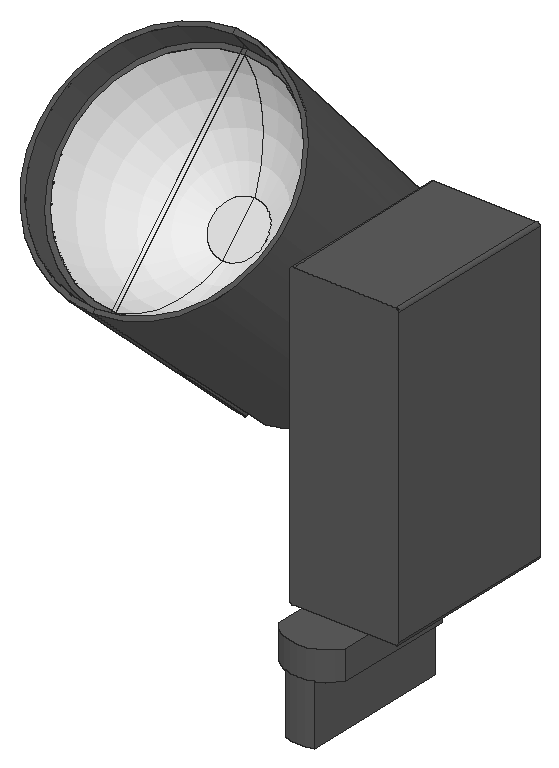
Revit family "0004857 Feilo Sylvania Lighting Fixture START TRACK SPOT L 55W 4K RA80 MB BLACK", category Lighting Fixtures, host Face, Revit 2017 (continued)
Definition of nested family "Start Track Spot Head"
  Types (96, lengths in mm): name | Wattage | built-in parameter 1150134 | Photometric Web File | Model | built-in parameter 1150105 | Lumens | built-in parameter 1150107 | built-in parameter 1150106 | HeadThickness_FEILO | HeadRibOffset_FEILO | HeadRibDepth_FEILO | HeadRibCutWidth_FEILO | HeadRibCutOffset_FEILO | HeadReflectorRadius_FEILO | HeadReflectorOffset_FEILO | HeadLEDRadius_FEILO | HeadHeight_FEILO | HeadDiffusorOffset_FEILO | HeadDiaOut_FEILO | HeadDiaIn_FEILO | HeadAxisFromTop_FEILO | Emit from Circle Diameter | built-in parameter 1150104 | Description | Apparent Load
    0004864 START TRACK SPOT S 24W 3K RA90 WB WHITE | 24 W | (empty or 0) | "0004864.ies" | "START TRACK SPOT S 24W 3K RA90 WB WHITE" | 152.79 (stored number, unit not read) | 1920 lm | 3000 (stored number, unit not read) | 1.5279 (stored number, unit not read) | 1.5 | 4.179 | 55.714 | 7.167 | 50.87 | 50.588 | 55.714 | 9.556 | 117 | 9.435 | 86 | 77.477 | 69.354 | 77.477 | 7.4322 (stored number, unit not read) | "Integrated LED spotlight, Textured White - RAL9016, compact and minimalist design, ideal for retail applications, die-cast aluminium body, passive cooling heatsink. Beam angle: 64°, color temperature: 3000K , total system power: 24W, total fixture output: 1928 lm, LOR: 100%, colour rendering: Ra: 90 typical, LED Chromaticity: 3 step MacAdam ellipse, lifetime: >50000 hours at L70B50, energy class: A++, A+, A, IR/UV free light source without heat radiation, operating voltage: 220-240V / 50-60Hz, drive current: 600mA, electronic driver, non-dimmable, power factor: 0.95, electrical protection: Class II, Global Track 3 Phase adapter suitable for Global trac 3-circuit tracks, ingress protection rating: IP20, suitable for internal environment only, horizontal rotation: 355°, vertical tilt: 90°, dimensions: Ø86x140x200, weight: 0.966kg." | 24 VA
    0004863 START TRACK SPOT S 24W 3K RA90 MB WHITE | 24 W | (empty or 0) | "0004863.ies" | "START TRACK SPOT S 24W 3K RA90 MB WHITE" | 154.7 (stored number, unit not read) | 1944 lm | 3000 (stored number, unit not read) | 1.547 (stored number, unit not read) | 1.5 | 4.179 | 55.714 | 7.167 | 50.87 | 50.588 | 55.714 | 9.556 | 117 | 9.435 | 86 | 77.477 | 69.354 | 77.477 | 7.5251 (stored number, unit not read) | "Integrated LED spotlight, Textured White - RAL9016, compact and minimalist design, ideal for retail applications, die-cast aluminium body, passive cooling heatsink. Beam angle: 36°, color temperature: 3000K , total system power: 24W, total fixture output: 1944 lm, LOR: 100%, colour rendering: Ra: 90 typical, LED Chromaticity: 3 step MacAdam ellipse, lifetime: >50000 hours at L70B50, energy class: A++, A+, A, IR/UV free light source without heat radiation, operating voltage: 220-240V / 50-60Hz, drive current: 600mA, electronic driver, non-dimmable, power factor: 0.95, electrical protection: Class II, Global Track 3 Phase adapter suitable for Global trac 3-circuit tracks, ingress protection rating: IP20, suitable for internal environment only, horizontal rotation: 355°, vertical tilt: 90°, dimensions: Ø86x140x200, weight: 0.966kg." | 24 VA
    0004862 START TRACK SPOT S 24W 3K RA90 NB WHITE | 24 W | (empty or 0) | "0004862.ies" | "START TRACK SPOT S 24W 3K RA90 NB WHITE" | 158.52 (stored number, unit not read) | 1992 lm | 3000 (stored number, unit not read) | 1.5852 (stored number, unit not read) | 1.5 | 4.179 | 55.714 | 7.167 | 50.87 | 50.588 | 55.714 | 9.556 | 117 | 9.435 | 86 | 77.477 | 69.354 | 77.477 | 7.711 (stored number, unit not read) | "Integrated LED spotlight, Textured White - RAL9016, compact and minimalist design, ideal for retail applications, die-cast aluminium body, passive cooling heatsink. Beam angle: 12°, color temperature: 3000K , total system power: 24W, total fixture output: 1987 lm, LOR: 100%, colour rendering: Ra: 90 typical, LED Chromaticity: 3 step MacAdam ellipse, lifetime: >50000 hours at L70B50, energy class: A++, A+, A, IR/UV free light source without heat radiation, operating voltage: 220-240V / 50-60Hz, drive current: 600mA, electronic driver, non-dimmable, power factor: 0.95, electrical protection: Class II, Global Track 3 Phase adapter suitable for Global trac 3-circuit tracks, ingress protection rating: IP20, suitable for internal environment only, horizontal rotation: 355°, vertical tilt: 90°, dimensions: Ø86x140x200, weight: 0.966kg." | 24 VA
    0004861 START TRACK SPOT S 14W 3K RA90 WB WHITE | 14 W | (empty or 0) | "0004861.ies" | "START TRACK SPOT S 14W 3K RA90 WB WHITE" | 100.27 (stored number, unit not read) | 1260 lm | 3000 (stored number, unit not read) | 1.0027 (stored number, unit not read) | 1.5 | 4.179 | 55.714 | 7.167 | 50.87 | 50.588 | 55.714 | 9.556 | 117 | 9.435 | 86 | 77.477 | 69.354 | 77.477 | 8.3613 (stored number, unit not read) | "Integrated LED spotlight, Textured White - RAL9016, compact and minimalist design, ideal for retail applications, die-cast aluminium body, passive cooling heatsink. Beam angle: 64°, color temperature: 3000K , total system power: 14W, total fixture output: 1262 lm, LOR: 100%, colour rendering: Ra: 90 typical, LED Chromaticity: 3 step MacAdam ellipse, lifetime: >50000 hours at L70B50, energy class: A++, A+, A, IR/UV free light source without heat radiation, operating voltage: 220-240V / 50-60Hz, drive current: 350mA, electronic driver, non-dimmable, power factor: 0.92, electrical protection: Class II, Global Track 3 Phase adapter suitable for Global trac 3-circuit tracks, ingress protection rating: IP20, suitable for internal environment only, horizontal rotation: 355°, vertical tilt: 90°, dimensions: Ø86x140x200, weight: 0.940kg." | 14 VA
    0004860 START TRACK SPOT S 14W 3K RA90 MB WHITE | 14 W | (empty or 0) | "0004860.ies" | "START TRACK SPOT S 14W 3K RA90 MB WHITE" | 100.27 (stored number, unit not read) | 1260 lm | 3000 (stored number, unit not read) | 1.0027 (stored number, unit not read) | 1.5 | 4.179 | 55.714 | 7.167 | 50.87 | 50.588 | 55.714 | 9.556 | 117 | 9.435 | 86 | 77.477 | 69.354 | 77.477 | 8.3613 (stored number, unit not read) | "Integrated LED spotlight, Textured White - RAL9016, compact and minimalist design, ideal for retail applications, die-cast aluminium body, passive cooling heatsink. Beam angle: 36°, color temperature: 3000K , total system power: 14W, total fixture output: 1262 lm, LOR: 100%, colour rendering: Ra: 90 typical, LED Chromaticity: 3 step MacAdam ellipse, lifetime: >50000 hours at L70B50, energy class: A++, A+, A, IR/UV free light source without heat radiation, operating voltage: 220-240V / 50-60Hz, drive current: 350mA, electronic driver, non-dimmable, power factor: 0.92, electrical protection: Class II, Global Track 3 Phase adapter suitable for Global trac 3-circuit tracks, ingress protection rating: IP20, suitable for internal environment only, horizontal rotation: 355°, vertical tilt: 90°, dimensions: Ø86x140x200, weight: 0.940kg." | 14 VA
    0004859 START TRACK SPOT S 14W 3K RA90 NB WHITE | 14 W | (empty or 0) | "0004859.ies" | "START TRACK SPOT S 14W 3K RA90 NB WHITE" | 102.5 (stored number, unit not read) | 1288 lm | 3000 (stored number, unit not read) | 1.025 (stored number, unit not read) | 1.5 | 4.179 | 55.714 | 7.167 | 50.87 | 50.588 | 55.714 | 9.556 | 117 | 9.435 | 86 | 77.477 | 69.354 | 77.477 | 8.5471 (stored number, unit not read) | "Integrated LED spotlight, Textured White - RAL9016, compact and minimalist design, ideal for retail applications, die-cast aluminium body, passive cooling heatsink. Beam angle: 12°, color temperature: 3000K , total system power: 14W, total fixture output: 1284 lm, LOR: 100%, colour rendering: Ra: 90 typical, LED Chromaticity: 3 step MacAdam ellipse, lifetime: >50000 hours at L70B50, energy class: A++, A+, A, IR/UV free light source without heat radiation, operating voltage: 220-240V / 50-60Hz, drive current: 350mA, electronic driver, non-dimmable, power factor: 0.92, electrical protection: Class II, Global Track 3 Phase adapter suitable for Global trac 3-circuit tracks, ingress protection rating: IP20, suitable for internal environment only, horizontal rotation: 355°, vertical tilt: 90°, dimensions: Ø86x140x200, weight: 0.940kg." | 14 VA
    0004858 START TRACK SPOT L 55W 4K RA80 WB BLACK | 55 W | 12 | "0004858.ies" | "START TRACK SPOT L 55W 4K RA80 WB BLACK" | 424.55 (stored number, unit not read) | 5335 lm | 4000 (stored number, unit not read) | 4.2455 (stored number, unit not read) | 2 | 4.429 | 59.048 | 9.417 | 53.913 | 66.471 | 59.048 | 12.556 | 124 | 10 | 113 | 101.802 | 73.503 | 101.802 | 9.0116 (stored number, unit not read) | "Integrated LED spotlight, Textured Black - RAL9005, compact and minimalist design, ideal for retail applications, die-cast aluminium body, passive cooling heatsink. Beam angle: 52°, color temperature: 4000K , total system power: 55W, total fixture output: 5320 lm, LOR: 100%, colour rendering: Ra: 80 typical, LED Chromaticity: 3 step MacAdam ellipse, lifetime: >50000 hours at L70B50, energy class: A++, A+, A, IR/UV free light source without heat radiation, operating voltage: 220-240V / 50-60Hz, drive current: 1400mA, electronic driver, non-dimmable, power factor: 0.96, electrical protection: Class II, Global Track 3 Phase adapter suitable for Global trac 3-circuit tracks, ingress protection rating: IP20, suitable for internal environment only, horizontal rotation: 355°, vertical tilt: 90°, dimensions: Ø113x164x240, weight: 1.398kg." | 55 VA
    0004857 START TRACK SPOT L 55W 4K RA80 MB BLACK | 55 W | 12 | "0004857.ies" | "START TRACK SPOT L 55W 4K RA80 MB BLACK" | 428.92 (stored number, unit not read) | 5390 lm | 4000 (stored number, unit not read) | 4.2892 (stored number, unit not read) | 2 | 4.429 | 59.048 | 9.417 | 53.913 | 66.471 | 59.048 | 12.556 | 124 | 10 | 113 | 101.802 | 73.503 | 101.802 | 9.1045 (stored number, unit not read) | "Integrated LED spotlight, Textured Black - RAL9005, compact and minimalist design, ideal for retail applications, die-cast aluminium body, passive cooling heatsink. Beam angle: 38°, color temperature: 4000K , total system power: 55W, total fixture output: 5378 lm, LOR: 100%, colour rendering: Ra: 80 typical, LED Chromaticity: 3 step MacAdam ellipse, lifetime: >50000 hours at L70B50, energy class: A++, A+, A, IR/UV free light source without heat radiation, operating voltage: 220-240V / 50-60Hz, drive current: 1400mA, electronic driver, non-dimmable, power factor: 0.96, electrical protection: Class II, Global Track 3 Phase adapter suitable for Global trac 3-circuit tracks, ingress protection rating: IP20, suitable for internal environment only, horizontal rotation: 355°, vertical tilt: 90°, dimensions: Ø113x164x240, weight: 1.398kg." | 55 VA
    0004856 START TRACK SPOT L 55W 4K RA80 NB BLACK | 55 W | 12 | "0004856.ies" | "START TRACK SPOT L 55W 4K RA80 NB BLACK" | 433.3 (stored number, unit not read) | 5445 lm | 4000 (stored number, unit not read) | 4.333 (stored number, unit not read) | 2 | 4.429 | 59.048 | 9.417 | 53.913 | 66.471 | 59.048 | 12.556 | 124 | 10 | 113 | 101.802 | 73.503 | 101.802 | 9.1974 (stored number, unit not read) | "Integrated LED spotlight, Textured Black - RAL9005, compact and minimalist design, ideal for retail applications, die-cast aluminium body, passive cooling heatsink. Beam angle: 15°, color temperature: 4000K , total system power: 55W, total fixture output: 5426 lm, LOR: 100%, colour rendering: Ra: 80 typical, LED Chromaticity: 3 step MacAdam ellipse, lifetime: >50000 hours at L70B50, energy class: A++, A+, A, IR/UV free light source without heat radiation, operating voltage: 220-240V / 50-60Hz, drive current: 1400mA, electronic driver, non-dimmable, power factor: 0.96, electrical protection: Class II, Global Track 3 Phase adapter suitable for Global trac 3-circuit tracks, ingress protection rating: IP20, suitable for internal environment only, horizontal rotation: 355°, vertical tilt: 90°, dimensions: Ø113x164x240, weight: 1.398kg." | 55 VA
    0004855 START TRACK SPOT L 35W 4K RA80 WB BLACK | 35 W | 12 | "0004855.ies" | "START TRACK SPOT L 35W 4K RA80 WB BLACK" | 320.3 (stored number, unit not read) | 4025 lm | 4000 (stored number, unit not read) | 3.203 (stored number, unit not read) | 2 | 4.429 | 59.048 | 9.417 | 53.913 | 66.471 | 59.048 | 12.556 | 124 | 10 | 113 | 101.802 | 73.503 | 101.802 | 10.684 (stored number, unit not read) | "Integrated LED spotlight, Textured Black - RAL9005, compact and minimalist design, ideal for retail applications, die-cast aluminium body, passive cooling heatsink. Beam angle: 52°, color temperature: 4000K , total system power: 35W, total fixture output: 4010 lm, LOR: 100%, colour rendering: Ra: 80 typical, LED Chromaticity: 3 step MacAdam ellipse, lifetime: >50000 hours at L70B50, energy class: A++, A+, A, IR/UV free light source without heat radiation, operating voltage: 220-240V / 50-60Hz, drive current: 900mA, electronic driver, non-dimmable, power factor: 0.93, electrical protection: Class II, Global Track 3 Phase adapter suitable for Global trac 3-circuit tracks, ingress protection rating: IP20, suitable for internal environment only, horizontal rotation: 355°, vertical tilt: 90°, dimensions: Ø113x164x240, weight: 1.368kg." | 35 VA
    0004854 START TRACK SPOT L 35W 4K RA80 MB BLACK | 35 W | 12 | "0004854.ies" | "START TRACK SPOT L 35W 4K RA80 MB BLACK" | 320.3 (stored number, unit not read) | 4025 lm | 4000 (stored number, unit not read) | 3.203 (stored number, unit not read) | 2 | 4.429 | 59.048 | 9.417 | 53.913 | 66.471 | 59.048 | 12.556 | 124 | 10 | 113 | 101.802 | 73.503 | 101.802 | 10.684 (stored number, unit not read) | "Integrated LED spotlight, Textured Black - RAL9005, compact and minimalist design, ideal for retail applications, die-cast aluminium body, passive cooling heatsink. Beam angle: 38°, color temperature: 4000K , total system power: 35W, total fixture output: 4017 lm, LOR: 100%, colour rendering: Ra: 80 typical, LED Chromaticity: 3 step MacAdam ellipse, lifetime: >50000 hours at L70B50, energy class: A++, A+, A, IR/UV free light source without heat radiation, operating voltage: 220-240V / 50-60Hz, drive current: 900mA, electronic driver, non-dimmable, power factor: 0.93, electrical protection: Class II, Global Track 3 Phase adapter suitable for Global trac 3-circuit tracks, ingress protection rating: IP20, suitable for internal environment only, horizontal rotation: 355°, vertical tilt: 90°, dimensions: Ø113x164x240, weight: 1.368kg." | 35 VA
    0004853 START TRACK SPOT L 35W 4K RA80 NB BLACK | 35 W | 12 | "0004853.ies" | "START TRACK SPOT L 35W 4K RA80 NB BLACK" | 331.44 (stored number, unit not read) | 4165 lm | 4000 (stored number, unit not read) | 3.3144 (stored number, unit not read) | 2 | 4.429 | 59.048 | 9.417 | 53.913 | 66.471 | 59.048 | 12.556 | 124 | 10 | 113 | 101.802 | 73.503 | 101.802 | 11.055 (stored number, unit not read) | "Integrated LED spotlight, Textured Black - RAL9005, compact and minimalist design, ideal for retail applications, die-cast aluminium body, passive cooling heatsink. Beam angle: 15°, color temperature: 4000K , total system power: 35W, total fixture output: 4174 lm, LOR: 100%, colour rendering: Ra: 80 typical, LED Chromaticity: 3 step MacAdam ellipse, lifetime: >50000 hours at L70B50, energy class: A++, A+, A, IR/UV free light source without heat radiation, operating voltage: 220-240V / 50-60Hz, drive current: 900mA, electronic driver, non-dimmable, power factor: 0.93, electrical protection: Class II, Global Track 3 Phase adapter suitable for Global trac 3-circuit tracks, ingress protection rating: IP20, suitable for internal environment only, horizontal rotation: 355°, vertical tilt: 90°, dimensions: Ø113x164x240, weight: 1.368kg." | 35 VA
    0004852 START TRACK SPOT S 24W 4K RA80 WB BLACK | 24 W | 12 | "0004852.ies" | "START TRACK SPOT S 24W 4K RA80 WB BLACK" | 196.72 (stored number, unit not read) | 2472 lm | 4000 (stored number, unit not read) | 1.9672 (stored number, unit not read) | 1.5 | 4.179 | 55.714 | 7.167 | 50.87 | 50.588 | 55.714 | 9.556 | 117 | 9.435 | 86 | 77.477 | 69.354 | 77.477 | 9.569 (stored number, unit not read) | "Integrated LED spotlight, Textured Black - RAL9005, compact and minimalist design, ideal for retail applications, die-cast aluminium body, passive cooling heatsink. Beam angle: 64°, color temperature: 4000K , total system power: 24W, total fixture output: 2476 lm, LOR: 100%, colour rendering: Ra: 80 typical, LED Chromaticity: 3 step MacAdam ellipse, lifetime: >50000 hours at L70B50, energy class: A++, A+, A, IR/UV free light source without heat radiation, operating voltage: 220-240V / 50-60Hz, drive current: 600mA, electronic driver, non-dimmable, power factor: 0.95, electrical protection: Class II, Global Track 3 Phase adapter suitable for Global trac 3-circuit tracks, ingress protection rating: IP20, suitable for internal environment only, horizontal rotation: 355°, vertical tilt: 90°, dimensions: Ø86x140x200, weight: 0.966kg." | 24 VA
    0004851 START TRACK SPOT S 24W 4K RA80 MB BLACK | 24 W | 12 | "0004851.ies" | "START TRACK SPOT S 24W 4K RA80 MB BLACK" | 198.63 (stored number, unit not read) | 2496 lm | 4000 (stored number, unit not read) | 1.9863 (stored number, unit not read) | 1.5 | 4.179 | 55.714 | 7.167 | 50.87 | 50.588 | 55.714 | 9.556 | 117 | 9.435 | 86 | 77.477 | 69.354 | 77.477 | 9.6619 (stored number, unit not read) | "Integrated LED spotlight, Textured Black - RAL9005, compact and minimalist design, ideal for retail applications, die-cast aluminium body, passive cooling heatsink. Beam angle: 36°, color temperature: 4000K , total system power: 24W, total fixture output: 2487 lm, LOR: 100%, colour rendering: Ra: 80 typical, LED Chromaticity: 3 step MacAdam ellipse, lifetime: >50000 hours at L70B50, energy class: A++, A+, A, IR/UV free light source without heat radiation, operating voltage: 220-240V / 50-60Hz, drive current: 600mA, electronic driver, non-dimmable, power factor: 0.95, electrical protection: Class II, Global Track 3 Phase adapter suitable for Global trac 3-circuit tracks, ingress protection rating: IP20, suitable for internal environment only, horizontal rotation: 355°, vertical tilt: 90°, dimensions: Ø86x140x200, weight: 0.966kg." | 24 VA
    0004850 START TRACK SPOT S 24W 4K RA80 NB BLACK | 24 W | 12 | "0004850.ies" | "START TRACK SPOT S 24W 4K RA80 NB BLACK" | 200.54 (stored number, unit not read) | 2520 lm | 4000 (stored number, unit not read) | 2.0054 (stored number, unit not read) | 1.5 | 4.179 | 55.714 | 7.167 | 50.87 | 50.588 | 55.714 | 9.556 | 117 | 9.435 | 86 | 77.477 | 69.354 | 77.477 | 9.7548 (stored number, unit not read) | "Integrated LED spotlight, Textured Black - RAL9005, compact and minimalist design, ideal for retail applications, die-cast aluminium body, passive cooling heatsink. Beam angle: 12°, color temperature: 4000K , total system power: 24W, total fixture output: 2529 lm, LOR: 100%, colour rendering: Ra: 80 typical, LED Chromaticity: 3 step MacAdam ellipse, lifetime: >50000 hours at L70B50, energy class: A++, A+, A, IR/UV free light source without heat radiation, operating voltage: 220-240V / 50-60Hz, drive current: 600mA, electronic driver, non-dimmable, power factor: 0.95, electrical protection: Class II, Global Track 3 Phase adapter suitable for Global trac 3-circuit tracks, ingress protection rating: IP20, suitable for internal environment only, horizontal rotation: 355°, vertical tilt: 90°, dimensions: Ø86x140x200, weight: 0.966kg." | 24 VA
    0004849 START TRACK SPOT S 14W 4K RA80 WB BLACK | 14 W | 12 | "0004849.ies" | "START TRACK SPOT S 14W 4K RA80 WB BLACK" | 123.66 (stored number, unit not read) | 1554 lm | 4000 (stored number, unit not read) | 1.2366 (stored number, unit not read) | 1.5 | 4.179 | 55.714 | 7.167 | 50.87 | 50.588 | 55.714 | 9.556 | 117 | 9.435 | 86 | 77.477 | 69.354 | 77.477 | 10.312 (stored number, unit not read) | "Integrated LED spotlight, Textured Black - RAL9005, compact and minimalist design, ideal for retail applications, die-cast aluminium body, passive cooling heatsink. Beam angle: 64°, color temperature: 4000K , total system power: 14W, total fixture output: 1558 lm, LOR: 100%, colour rendering: Ra: 80 typical, LED Chromaticity: 3 step MacAdam ellipse, lifetime: >50000 hours at L70B50, energy class: A++, A+, A, IR/UV free light source without heat radiation, operating voltage: 220-240V / 50-60Hz, drive current: 350mA, electronic driver, non-dimmable, power factor: 0.92, electrical protection: Class II, Global Track 3 Phase adapter suitable for Global trac 3-circuit tracks, ingress protection rating: IP20, suitable for internal environment only, horizontal rotation: 355°, vertical tilt: 90°, dimensions: Ø86x140x200, weight: 0.940kg." | 14 VA
    0004848 START TRACK SPOT S 14W 4K RA80 MB BLACK | 14 W | 12 | "0004848.ies" | "START TRACK SPOT S 14W 4K RA80 MB BLACK" | 127.01 (stored number, unit not read) | 1596 lm | 4000 (stored number, unit not read) | 1.2701 (stored number, unit not read) | 1.5 | 4.179 | 55.714 | 7.167 | 50.87 | 50.588 | 55.714 | 9.556 | 117 | 9.435 | 86 | 77.477 | 69.354 | 77.477 | 10.591 (stored number, unit not read) | "Integrated LED spotlight, Textured Black - RAL9005, compact and minimalist design, ideal for retail applications, die-cast aluminium body, passive cooling heatsink. Beam angle: 36°, color temperature: 4000K , total system power: 14W, total fixture output: 1598 lm, LOR: 100%, colour rendering: Ra: 80 typical, LED Chromaticity: 3 step MacAdam ellipse, lifetime: >50000 hours at L70B50, energy class: A++, A+, A, IR/UV free light source without heat radiation, operating voltage: 220-240V / 50-60Hz, drive current: 350mA, electronic driver, non-dimmable, power factor: 0.92, electrical protection: Class II, Global Track 3 Phase adapter suitable for Global trac 3-circuit tracks, ingress protection rating: IP20, suitable for internal environment only, horizontal rotation: 355°, vertical tilt: 90°, dimensions: Ø86x140x200, weight: 0.940kg." | 14 VA
    0004847 START TRACK SPOT S 14W 4K RA80 NB BLACK | 14 W | 12 | "0004847.ies" | "START TRACK SPOT S 14W 4K RA80 NB BLACK" | 128.12 (stored number, unit not read) | 1610 lm | 4000 (stored number, unit not read) | 1.2812 (stored number, unit not read) | 1.5 | 4.179 | 55.714 | 7.167 | 50.87 | 50.588 | 55.714 | 9.556 | 117 | 9.435 | 86 | 77.477 | 69.354 | 77.477 | 10.684 (stored number, unit not read) | "Integrated LED spotlight, Textured Black - RAL9005, compact and minimalist design, ideal for retail applications, die-cast aluminium body, passive cooling heatsink. Beam angle: 12°, color temperature: 4000K , total system power: 14W, total fixture output: 1608 lm, LOR: 100%, colour rendering: Ra: 80 typical, LED Chromaticity: 3 step MacAdam ellipse, lifetime: >50000 hours at L70B50, energy class: A++, A+, A, IR/UV free light source without heat radiation, operating voltage: 220-240V / 50-60Hz, drive current: 350mA, electronic driver, non-dimmable, power factor: 0.92, electrical protection: Class II, Global Track 3 Phase adapter suitable for Global trac 3-circuit tracks, ingress protection rating: IP20, suitable for internal environment only, horizontal rotation: 355°, vertical tilt: 90°, dimensions: Ø86x140x200, weight: 0.940kg." | 14 VA
    0004846 START TRACK SPOT L 55W 3K RA80 WB BLACK | 55 W | (empty or 0) | "0004846.ies" | "START TRACK SPOT L 55W 3K RA80 WB BLACK" | 420.17 (stored number, unit not read) | 5280 lm | 3000 (stored number, unit not read) | 4.2017 (stored number, unit not read) | 2 | 4.429 | 59.048 | 9.417 | 53.913 | 66.471 | 59.048 | 12.556 | 124 | 10 | 113 | 101.802 | 73.503 | 101.802 | 8.9187 (stored number, unit not read) | "Integrated LED spotlight, Textured Black - RAL9005, compact and minimalist design, ideal for retail applications, die-cast aluminium body, passive cooling heatsink. Beam angle: 52°, color temperature: 3000K , total system power: 55W, total fixture output: 5298 lm, LOR: 100%, colour rendering: Ra: 80 typical, LED Chromaticity: 3 step MacAdam ellipse, lifetime: >50000 hours at L70B50, energy class: A++, A+, A, IR/UV free light source without heat radiation, operating voltage: 220-240V / 50-60Hz, drive current: 1400mA, electronic driver, non-dimmable, power factor: 0.96, electrical protection: Class II, Global Track 3 Phase adapter suitable for Global trac 3-circuit tracks, ingress protection rating: IP20, suitable for internal environment only, horizontal rotation: 355°, vertical tilt: 90°, dimensions: Ø113x164x240, weight: 1.398kg." | 55 VA
    0004845 START TRACK SPOT L 55W 3K RA80 MB BLACK | 55 W | (empty or 0) | "0004845.ies" | "START TRACK SPOT L 55W 3K RA80 MB BLACK" | 428.92 (stored number, unit not read) | 5390 lm | 3000 (stored number, unit not read) | 4.2892 (stored number, unit not read) | 2 | 4.429 | 59.048 | 9.417 | 53.913 | 66.471 | 59.048 | 12.556 | 124 | 10 | 113 | 101.802 | 73.503 | 101.802 | 9.1045 (stored number, unit not read) | "Integrated LED spotlight, Textured Black - RAL9005, compact and minimalist design, ideal for retail applications, die-cast aluminium body, passive cooling heatsink. Beam angle: 38°, color temperature: 3000K , total system power: 55W, total fixture output: 5381 lm, LOR: 100%, colour rendering: Ra: 80 typical, LED Chromaticity: 3 step MacAdam ellipse, lifetime: >50000 hours at L70B50, energy class: A++, A+, A, IR/UV free light source without heat radiation, operating voltage: 220-240V / 50-60Hz, drive current: 1400mA, electronic driver, non-dimmable, power factor: 0.96, electrical protection: Class II, Global Track 3 Phase adapter suitable for Global trac 3-circuit tracks, ingress protection rating: IP20, suitable for internal environment only, horizontal rotation: 355°, vertical tilt: 90°, dimensions: Ø113x164x240, weight: 1.398kg." | 55 VA
    0004844 START TRACK SPOT L 55W 3K RA80 NB BLACK | 55 W | (empty or 0) | "0004844.ies" | "START TRACK SPOT L 55W 3K RA80 NB BLACK" | 433.3 (stored number, unit not read) | 5445 lm | 3000 (stored number, unit not read) | 4.333 (stored number, unit not read) | 2 | 4.429 | 59.048 | 9.417 | 53.913 | 66.471 | 59.048 | 12.556 | 124 | 10 | 113 | 101.802 | 73.503 | 101.802 | 9.1974 (stored number, unit not read) | "Integrated LED spotlight, Textured Black - RAL9005, compact and minimalist design, ideal for retail applications, die-cast aluminium body, passive cooling heatsink. Beam angle: 15°, color temperature: 3000K , total system power: 55W, total fixture output: 5449 lm, LOR: 100%, colour rendering: Ra: 80 typical, LED Chromaticity: 3 step MacAdam ellipse, lifetime: >50000 hours at L70B50, energy class: A++, A+, A, IR/UV free light source without heat radiation, operating voltage: 220-240V / 50-60Hz, drive current: 1400mA, electronic driver, non-dimmable, power factor: 0.96, electrical protection: Class II, Global Track 3 Phase adapter suitable for Global trac 3-circuit tracks, ingress protection rating: IP20, suitable for internal environment only, horizontal rotation: 355°, vertical tilt: 90°, dimensions: Ø113x164x240, weight: 1.398kg." | 55 VA
    0004843 START TRACK SPOT L 35W 3K RA80 WB BLACK | 35 W | (empty or 0) | "0004843.ies" | "START TRACK SPOT L 35W 3K RA80 WB BLACK" | 314.73 (stored number, unit not read) | 3955 lm | 3000 (stored number, unit not read) | 3.1473 (stored number, unit not read) | 2 | 4.429 | 59.048 | 9.417 | 53.913 | 66.471 | 59.048 | 12.556 | 124 | 10 | 113 | 101.802 | 73.503 | 101.802 | 10.498 (stored number, unit not read) | "Integrated LED spotlight, Textured Black - RAL9005, compact and minimalist design, ideal for retail applications, die-cast aluminium body, passive cooling heatsink. Beam angle: 52°, color temperature: 3000K , total system power: 35W, total fixture output: 3943 lm, LOR: 100%, colour rendering: Ra: 80 typical, LED Chromaticity: 3 step MacAdam ellipse, lifetime: >50000 hours at L70B50, energy class: A++, A+, A, IR/UV free light source without heat radiation, operating voltage: 220-240V / 50-60Hz, drive current: 900mA, electronic driver, non-dimmable, power factor: 0.93, electrical protection: Class II, Global Track 3 Phase adapter suitable for Global trac 3-circuit tracks, ingress protection rating: IP20, suitable for internal environment only, horizontal rotation: 355°, vertical tilt: 90°, dimensions: Ø113x164x240, weight: 1.368kg." | 35 VA
    0004842 START TRACK SPOT L 35W 3K RA80 MB BLACK | 35 W | (empty or 0) | "0004842.ies" | "START TRACK SPOT L 35W 3K RA80 MB BLACK" | 320.3 (stored number, unit not read) | 4025 lm | 3000 (stored number, unit not read) | 3.203 (stored number, unit not read) | 2 | 4.429 | 59.048 | 9.417 | 53.913 | 66.471 | 59.048 | 12.556 | 124 | 10 | 113 | 101.802 | 73.503 | 101.802 | 10.684 (stored number, unit not read) | "Integrated LED spotlight, Textured Black - RAL9005, compact and minimalist design, ideal for retail applications, die-cast aluminium body, passive cooling heatsink. Beam angle: 38°, color temperature: 3000K , total system power: 35W, total fixture output: 4008 lm, LOR: 100%, colour rendering: Ra: 80 typical, LED Chromaticity: 3 step MacAdam ellipse, lifetime: >50000 hours at L70B50, energy class: A++, A+, A, IR/UV free light source without heat radiation, operating voltage: 220-240V / 50-60Hz, drive current: 900mA, electronic driver, non-dimmable, power factor: 0.93, electrical protection: Class II, Global Track 3 Phase adapter suitable for Global trac 3-circuit tracks, ingress protection rating: IP20, suitable for internal environment only, horizontal rotation: 355°, vertical tilt: 90°, dimensions: Ø113x164x240, weight: 1.368kg." | 35 VA
    0004841 START TRACK SPOT L 35W 3K RA80 NB BLACK | 35 W | (empty or 0) | "0004841.ies" | "START TRACK SPOT L 35W 3K RA80 NB BLACK" | 317.51 (stored number, unit not read) | 3990 lm | 3000 (stored number, unit not read) | 3.1751 (stored number, unit not read) | 2 | 4.429 | 59.048 | 9.417 | 53.913 | 66.471 | 59.048 | 12.556 | 124 | 10 | 113 | 101.802 | 73.503 | 101.802 | 10.591 (stored number, unit not read) | "Integrated LED spotlight, Textured Black - RAL9005, compact and minimalist design, ideal for retail applications, die-cast aluminium body, passive cooling heatsink. Beam angle: 15°, color temperature: 3000K , total system power: 35W, total fixture output: 4005 lm, LOR: 100%, colour rendering: Ra: 80 typical, LED Chromaticity: 3 step MacAdam ellipse, lifetime: >50000 hours at L70B50, energy class: A++, A+, A, IR/UV free light source without heat radiation, operating voltage: 220-240V / 50-60Hz, drive current: 900mA, electronic driver, non-dimmable, power factor: 0.93, electrical protection: Class II, Global Track 3 Phase adapter suitable for Global trac 3-circuit tracks, ingress protection rating: IP20, suitable for internal environment only, horizontal rotation: 355°, vertical tilt: 90°, dimensions: Ø113x164x240, weight: 1.368kg." | 35 VA
    0004840 START TRACK SPOT S 24W 3K RA80 WB BLACK | 24 W | (empty or 0) | "0004840.ies" | "START TRACK SPOT S 24W 3K RA80 WB BLACK" | 185.26 (stored number, unit not read) | 2328 lm | 3000 (stored number, unit not read) | 1.8526 (stored number, unit not read) | 1.5 | 4.179 | 55.714 | 7.167 | 50.87 | 50.588 | 55.714 | 9.556 | 117 | 9.435 | 86 | 77.477 | 69.354 | 77.477 | 9.0116 (stored number, unit not read) | "Integrated LED spotlight, Textured Black - RAL9005, compact and minimalist design, ideal for retail applications, die-cast aluminium body, passive cooling heatsink. Beam angle: 64°, color temperature: 3000K , total system power: 24W, total fixture output: 2318 lm, LOR: 100%, colour rendering: Ra: 80 typical, LED Chromaticity: 3 step MacAdam ellipse, lifetime: >50000 hours at L70B50, energy class: A++, A+, A, IR/UV free light source without heat radiation, operating voltage: 220-240V / 50-60Hz, drive current: 600mA, electronic driver, non-dimmable, power factor: 0.95, electrical protection: Class II, Global Track 3 Phase adapter suitable for Global trac 3-circuit tracks, ingress protection rating: IP20, suitable for internal environment only, horizontal rotation: 355°, vertical tilt: 90°, dimensions: Ø86x140x200, weight: 0.966kg." | 24 VA
    0004839 START TRACK SPOT S 24W 3K RA80 MB BLACK | 24 W | (empty or 0) | "0004839.ies" | "START TRACK SPOT S 24W 3K RA80 MB BLACK" | 183.35 (stored number, unit not read) | 2304 lm | 3000 (stored number, unit not read) | 1.8335 (stored number, unit not read) | 1.5 | 4.179 | 55.714 | 7.167 | 50.87 | 50.588 | 55.714 | 9.556 | 117 | 9.435 | 86 | 77.477 | 69.354 | 77.477 | 8.9187 (stored number, unit not read) | "Integrated LED spotlight, Textured Black - RAL9005, compact and minimalist design, ideal for retail applications, die-cast aluminium body, passive cooling heatsink. Beam angle: 36°, color temperature: 3000K , total system power: 24W, total fixture output: 2314 lm, LOR: 100%, colour rendering: Ra: 80 typical, LED Chromaticity: 3 step MacAdam ellipse, lifetime: >50000 hours at L70B50, energy class: A++, A+, A, IR/UV free light source without heat radiation, operating voltage: 220-240V / 50-60Hz, drive current: 600mA, electronic driver, non-dimmable, power factor: 0.95, electrical protection: Class II, Global Track 3 Phase adapter suitable for Global trac 3-circuit tracks, ingress protection rating: IP20, suitable for internal environment only, horizontal rotation: 355°, vertical tilt: 90°, dimensions: Ø86x140x200, weight: 0.966kg." | 24 VA
    0004838 START TRACK SPOT S 24W 3K RA80 NB BLACK | 24 W | (empty or 0) | "0004838.ies" | "START TRACK SPOT S 24W 3K RA80 NB BLACK" | 185.26 (stored number, unit not read) | 2328 lm | 3000 (stored number, unit not read) | 1.8526 (stored number, unit not read) | 1.5 | 4.179 | 55.714 | 7.167 | 50.87 | 50.588 | 55.714 | 9.556 | 117 | 9.435 | 86 | 77.477 | 69.354 | 77.477 | 9.0116 (stored number, unit not read) | "Integrated LED spotlight, Textured Black - RAL9005, compact and minimalist design, ideal for retail applications, die-cast aluminium body, passive cooling heatsink. Beam angle: 12°, color temperature: 3000K , total system power: 24W, total fixture output: 2334 lm, LOR: 100%, colour rendering: Ra: 80 typical, LED Chromaticity: 3 step MacAdam ellipse, lifetime: >50000 hours at L70B50, energy class: A++, A+, A, IR/UV free light source without heat radiation, operating voltage: 220-240V / 50-60Hz, drive current: 600mA, electronic driver, non-dimmable, power factor: 0.95, electrical protection: Class II, Global Track 3 Phase adapter suitable for Global trac 3-circuit tracks, ingress protection rating: IP20, suitable for internal environment only, horizontal rotation: 355°, vertical tilt: 90°, dimensions: Ø86x140x200, weight: 0.966kg." | 24 VA
    0004837 START TRACK SPOT S 14W 3K RA80 WB BLACK | 14 W | (empty or 0) | "0004837.ies" | "START TRACK SPOT S 14W 3K RA80 WB BLACK" | 119.21 (stored number, unit not read) | 1498 lm | 3000 (stored number, unit not read) | 1.1921 (stored number, unit not read) | 1.5 | 4.179 | 55.714 | 7.167 | 50.87 | 50.588 | 55.714 | 9.556 | 117 | 9.435 | 86 | 77.477 | 69.354 | 77.477 | 9.9406 (stored number, unit not read) | "Integrated LED spotlight, Textured Black - RAL9005, compact and minimalist design, ideal for retail applications, die-cast aluminium body, passive cooling heatsink. Beam angle: 64°, color temperature: 3000K , total system power: 14W, total fixture output: 1498 lm, LOR: 100%, colour rendering: Ra: 80 typical, LED Chromaticity: 3 step MacAdam ellipse, lifetime: >50000 hours at L70B50, energy class: A++, A+, A, IR/UV free light source without heat radiation, operating voltage: 220-240V / 50-60Hz, drive current: 350mA, electronic driver, non-dimmable, power factor: 0.92, electrical protection: Class II, Global Track 3 Phase adapter suitable for Global trac 3-circuit tracks, ingress protection rating: IP20, suitable for internal environment only, horizontal rotation: 355°, vertical tilt: 90°, dimensions: Ø86x140x200, weight: 0.940kg." | 14 VA
    0004836 START TRACK SPOT S 14W 3K RA80 MB BLACK | 14 W | (empty or 0) | "0004836.ies" | "START TRACK SPOT S 14W 3K RA80 MB BLACK" | 120.32 (stored number, unit not read) | 1512 lm | 3000 (stored number, unit not read) | 1.2032 (stored number, unit not read) | 1.5 | 4.179 | 55.714 | 7.167 | 50.87 | 50.588 | 55.714 | 9.556 | 117 | 9.435 | 86 | 77.477 | 69.354 | 77.477 | 10.034 (stored number, unit not read) | "Integrated LED spotlight, Textured Black - RAL9005, compact and minimalist design, ideal for retail applications, die-cast aluminium body, passive cooling heatsink. Beam angle: 36°, color temperature: 3000K , total system power: 14W, total fixture output: 1508 lm, LOR: 100%, colour rendering: Ra: 80 typical, LED Chromaticity: 3 step MacAdam ellipse, lifetime: >50000 hours at L70B50, energy class: A++, A+, A, IR/UV free light source without heat radiation, operating voltage: 220-240V / 50-60Hz, drive current: 350mA, electronic driver, non-dimmable, power factor: 0.92, electrical protection: Class II, Global Track 3 Phase adapter suitable for Global trac 3-circuit tracks, ingress protection rating: IP20, suitable for internal environment only, horizontal rotation: 355°, vertical tilt: 90°, dimensions: Ø86x140x200, weight: 0.940kg." | 14 VA
    0004835 START TRACK SPOT S 14W 3K RA80 NB BLACK | 14 W | (empty or 0) | "0004835.ies" | "START TRACK SPOT S 14W 3K RA80 NB BLACK" | 123.66 (stored number, unit not read) | 1554 lm | 3000 (stored number, unit not read) | 1.2366 (stored number, unit not read) | 1.5 | 4.179 | 55.714 | 7.167 | 50.87 | 50.588 | 55.714 | 9.556 | 117 | 9.435 | 86 | 77.477 | 69.354 | 77.477 | 10.312 (stored number, unit not read) | "Integrated LED spotlight, Textured Black - RAL9005, compact and minimalist design, ideal for retail applications, die-cast aluminium body, passive cooling heatsink. Beam angle: 12°, color temperature: 3000K , total system power: 14W, total fixture output: 1551 lm, LOR: 100%, colour rendering: Ra: 80 typical, LED Chromaticity: 3 step MacAdam ellipse, lifetime: >50000 hours at L70B50, energy class: A++, A+, A, IR/UV free light source without heat radiation, operating voltage: 220-240V / 50-60Hz, drive current: 350mA, electronic driver, non-dimmable, power factor: 0.92, electrical protection: Class II, Global Track 3 Phase adapter suitable for Global trac 3-circuit tracks, ingress protection rating: IP20, suitable for internal environment only, horizontal rotation: 355°, vertical tilt: 90°, dimensions: Ø86x140x200, weight: 0.940kg." | 14 VA
    0004834 START TRACK SPOT L 55W 4K RA80 WB WHITE | 55 W | 12 | "0004834.ies" | "START TRACK SPOT L 55W 4K RA80 WB WHITE" | 424.55 (stored number, unit not read) | 5335 lm | 4000 (stored number, unit not read) | 4.2455 (stored number, unit not read) | 2 | 4.429 | 59.048 | 9.417 | 53.913 | 66.471 | 59.048 | 12.556 | 124 | 10 | 113 | 101.802 | 73.503 | 101.802 | 9.0116 (stored number, unit not read) | "Integrated LED spotlight, Textured White - RAL9016, compact and minimalist design, ideal for retail applications, die-cast aluminium body, passive cooling heatsink. Beam angle: 52°, color temperature: 4000K , total system power: 55W, total fixture output: 5320 lm, LOR: 100%, colour rendering: Ra: 80 typical, LED Chromaticity: 3 step MacAdam ellipse, lifetime: >50000 hours at L70B50, energy class: A++, A+, A, IR/UV free light source without heat radiation, operating voltage: 220-240V / 50-60Hz, drive current: 1400mA, electronic driver, non-dimmable, power factor: 0.96, electrical protection: Class II, Global Track 3 Phase adapter suitable for Global trac 3-circuit tracks, ingress protection rating: IP20, suitable for internal environment only, horizontal rotation: 355°, vertical tilt: 90°, dimensions: Ø113x164x240, weight: 1.398kg." | 55 VA
    0004833 START TRACK SPOT L 55W 4K RA80 MB WHITE | 55 W | 12 | "0004833.ies" | "START TRACK SPOT L 55W 4K RA80 MB WHITE" | 428.92 (stored number, unit not read) | 5390 lm | 4000 (stored number, unit not read) | 4.2892 (stored number, unit not read) | 2 | 4.429 | 59.048 | 9.417 | 53.913 | 66.471 | 59.048 | 12.556 | 124 | 10 | 113 | 101.802 | 73.503 | 101.802 | 9.1045 (stored number, unit not read) | "Integrated LED spotlight, Textured White - RAL9016, compact and minimalist design, ideal for retail applications, die-cast aluminium body, passive cooling heatsink. Beam angle: 38°, color temperature: 4000K , total system power: 55W, total fixture output: 5378 lm, LOR: 100%, colour rendering: Ra: 80 typical, LED Chromaticity: 3 step MacAdam ellipse, lifetime: >50000 hours at L70B50, energy class: A++, A+, A, IR/UV free light source without heat radiation, operating voltage: 220-240V / 50-60Hz, drive current: 1400mA, electronic driver, non-dimmable, power factor: 0.96, electrical protection: Class II, Global Track 3 Phase adapter suitable for Global trac 3-circuit tracks, ingress protection rating: IP20, suitable for internal environment only, horizontal rotation: 355°, vertical tilt: 90°, dimensions: Ø113x164x240, weight: 1.398kg." | 55 VA
    0004832 START TRACK SPOT L 55W 4K RA80 NB WHITE | 55 W | 12 | "0004832.ies" | "START TRACK SPOT L 55W 4K RA80 NB WHITE" | 433.3 (stored number, unit not read) | 5445 lm | 4000 (stored number, unit not read) | 4.333 (stored number, unit not read) | 2 | 4.429 | 59.048 | 9.417 | 53.913 | 66.471 | 59.048 | 12.556 | 124 | 10 | 113 | 101.802 | 73.503 | 101.802 | 9.1974 (stored number, unit not read) | "Integrated LED spotlight, Textured White - RAL9016, compact and minimalist design, ideal for retail applications, die-cast aluminium body, passive cooling heatsink. Beam angle: 15°, color temperature: 4000K , total system power: 55W, total fixture output: 5426 lm, LOR: 100%, colour rendering: Ra: 80 typical, LED Chromaticity: 3 step MacAdam ellipse, lifetime: >50000 hours at L70B50, energy class: A++, A+, A, IR/UV free light source without heat radiation, operating voltage: 220-240V / 50-60Hz, drive current: 1400mA, electronic driver, non-dimmable, power factor: 0.96, electrical protection: Class II, Global Track 3 Phase adapter suitable for Global trac 3-circuit tracks, ingress protection rating: IP20, suitable for internal environment only, horizontal rotation: 355°, vertical tilt: 90°, dimensions: Ø113x164x240, weight: 1.398kg." | 55 VA
    0004831 START TRACK SPOT L 35W 4K RA80 WB WHITE | 35 W | 12 | "0004831.ies" | "START TRACK SPOT L 35W 4K RA80 WB WHITE" | 320.3 (stored number, unit not read) | 4025 lm | 4000 (stored number, unit not read) | 3.203 (stored number, unit not read) | 2 | 4.429 | 59.048 | 9.417 | 53.913 | 66.471 | 59.048 | 12.556 | 124 | 10 | 113 | 101.802 | 73.503 | 101.802 | 10.684 (stored number, unit not read) | "Integrated LED spotlight, Textured White - RAL9016, compact and minimalist design, ideal for retail applications, die-cast aluminium body, passive cooling heatsink. Beam angle: 52°, color temperature: 4000K , total system power: 35W, total fixture output: 4010 lm, LOR: 100%, colour rendering: Ra: 80 typical, LED Chromaticity: 3 step MacAdam ellipse, lifetime: >50000 hours at L70B50, energy class: A++, A+, A, IR/UV free light source without heat radiation, operating voltage: 220-240V / 50-60Hz, drive current: 900mA, electronic driver, non-dimmable, power factor: 0.93, electrical protection: Class II, Global Track 3 Phase adapter suitable for Global trac 3-circuit tracks, ingress protection rating: IP20, suitable for internal environment only, horizontal rotation: 355°, vertical tilt: 90°, dimensions: Ø113x164x240, weight: 1.368kg." | 35 VA
    0004830 START TRACK SPOT L 35W 4K RA80 MB WHITE | 35 W | 12 | "0004830.ies" | "START TRACK SPOT L 35W 4K RA80 MB WHITE" | 320.3 (stored number, unit not read) | 4025 lm | 4000 (stored number, unit not read) | 3.203 (stored number, unit not read) | 2 | 4.429 | 59.048 | 9.417 | 53.913 | 66.471 | 59.048 | 12.556 | 124 | 10 | 113 | 101.802 | 73.503 | 101.802 | 10.684 (stored number, unit not read) | "Integrated LED spotlight, Textured White - RAL9016, compact and minimalist design, ideal for retail applications, die-cast aluminium body, passive cooling heatsink. Beam angle: 38°, color temperature: 4000K , total system power: 35W, total fixture output: 4017 lm, LOR: 100%, colour rendering: Ra: 80 typical, LED Chromaticity: 3 step MacAdam ellipse, lifetime: >50000 hours at L70B50, energy class: A++, A+, A, IR/UV free light source without heat radiation, operating voltage: 220-240V / 50-60Hz, drive current: 900mA, electronic driver, non-dimmable, power factor: 0.93, electrical protection: Class II, Global Track 3 Phase adapter suitable for Global trac 3-circuit tracks, ingress protection rating: IP20, suitable for internal environment only, horizontal rotation: 355°, vertical tilt: 90°, dimensions: Ø113x164x240, weight: 1.368kg." | 35 VA
    0004829 START TRACK SPOT L 35W 4K RA80 NB WHITE | 35 W | 12 | "0004829.ies" | "START TRACK SPOT L 35W 4K RA80 NB WHITE" | 331.44 (stored number, unit not read) | 4165 lm | 4000 (stored number, unit not read) | 3.3144 (stored number, unit not read) | 2 | 4.429 | 59.048 | 9.417 | 53.913 | 66.471 | 59.048 | 12.556 | 124 | 10 | 113 | 101.802 | 73.503 | 101.802 | 11.055 (stored number, unit not read) | "Integrated LED spotlight, Textured White - RAL9016, compact and minimalist design, ideal for retail applications, die-cast aluminium body, passive cooling heatsink. Beam angle: 15°, color temperature: 4000K , total system power: 35W, total fixture output: 4174 lm, LOR: 100%, colour rendering: Ra: 80 typical, LED Chromaticity: 3 step MacAdam ellipse, lifetime: >50000 hours at L70B50, energy class: A++, A+, A, IR/UV free light source without heat radiation, operating voltage: 220-240V / 50-60Hz, drive current: 900mA, electronic driver, non-dimmable, power factor: 0.93, electrical protection: Class II, Global Track 3 Phase adapter suitable for Global trac 3-circuit tracks, ingress protection rating: IP20, suitable for internal environment only, horizontal rotation: 355°, vertical tilt: 90°, dimensions: Ø113x164x240, weight: 1.368kg." | 35 VA
    0004828 START TRACK SPOT S 24W 4K RA80 WB WHITE | 24 W | 12 | "0004828.ies" | "START TRACK SPOT S 24W 4K RA80 WB WHITE" | 196.72 (stored number, unit not read) | 2472 lm | 4000 (stored number, unit not read) | 1.9672 (stored number, unit not read) | 1.5 | 4.179 | 55.714 | 7.167 | 50.87 | 50.588 | 55.714 | 9.556 | 117 | 9.435 | 86 | 77.477 | 69.354 | 77.477 | 9.569 (stored number, unit not read) | "Integrated LED spotlight, Textured White - RAL9016, compact and minimalist design, ideal for retail applications, die-cast aluminium body, passive cooling heatsink. Beam angle: 64°, color temperature: 4000K , total system power: 24W, total fixture output: 2476 lm, LOR: 100%, colour rendering: Ra: 80 typical, LED Chromaticity: 3 step MacAdam ellipse, lifetime: >50000 hours at L70B50, energy class: A++, A+, A, IR/UV free light source without heat radiation, operating voltage: 220-240V / 50-60Hz, drive current: 600mA, electronic driver, non-dimmable, power factor: 0.95, electrical protection: Class II, Global Track 3 Phase adapter suitable for Global trac 3-circuit tracks, ingress protection rating: IP20, suitable for internal environment only, horizontal rotation: 355°, vertical tilt: 90°, dimensions: Ø86x140x200, weight: 0.966kg." | 24 VA
    0004827 START TRACK SPOT S 24W 4K RA80 MB WHITE | 24 W | 12 | "0004827.ies" | "START TRACK SPOT S 24W 4K RA80 MB WHITE" | 198.63 (stored number, unit not read) | 2496 lm | 4000 (stored number, unit not read) | 1.9863 (stored number, unit not read) | 1.5 | 4.179 | 55.714 | 7.167 | 50.87 | 50.588 | 55.714 | 9.556 | 117 | 9.435 | 86 | 77.477 | 69.354 | 77.477 | 9.6619 (stored number, unit not read) | "Integrated LED spotlight, Textured White - RAL9016, compact and minimalist design, ideal for retail applications, die-cast aluminium body, passive cooling heatsink. Beam angle: 36°, color temperature: 4000K , total system power: 24W, total fixture output: 2487 lm, LOR: 100%, colour rendering: Ra: 80 typical, LED Chromaticity: 3 step MacAdam ellipse, lifetime: >50000 hours at L70B50, energy class: A++, A+, A, IR/UV free light source without heat radiation, operating voltage: 220-240V / 50-60Hz, drive current: 600mA, electronic driver, non-dimmable, power factor: 0.95, electrical protection: Class II, Global Track 3 Phase adapter suitable for Global trac 3-circuit tracks, ingress protection rating: IP20, suitable for internal environment only, horizontal rotation: 355°, vertical tilt: 90°, dimensions: Ø86x140x200, weight: 0.966kg." | 24 VA
    0004826 START TRACK SPOT S 24W 4K RA80 NB WHITE | 24 W | 12 | "0004826.ies" | "START TRACK SPOT S 24W 4K RA80 NB WHITE" | 200.54 (stored number, unit not read) | 2520 lm | 4000 (stored number, unit not read) | 2.0054 (stored number, unit not read) | 1.5 | 4.179 | 55.714 | 7.167 | 50.87 | 50.588 | 55.714 | 9.556 | 117 | 9.435 | 86 | 77.477 | 69.354 | 77.477 | 9.7548 (stored number, unit not read) | "Integrated LED spotlight, Textured White - RAL9016, compact and minimalist design, ideal for retail applications, die-cast aluminium body, passive cooling heatsink. Beam angle: 12°, color temperature: 4000K , total system power: 24W, total fixture output: 2529 lm, LOR: 100%, colour rendering: Ra: 80 typical, LED Chromaticity: 3 step MacAdam ellipse, lifetime: >50000 hours at L70B50, energy class: A++, A+, A, IR/UV free light source without heat radiation, operating voltage: 220-240V / 50-60Hz, drive current: 600mA, electronic driver, non-dimmable, power factor: 0.95, electrical protection: Class II, Global Track 3 Phase adapter suitable for Global trac 3-circuit tracks, ingress protection rating: IP20, suitable for internal environment only, horizontal rotation: 355°, vertical tilt: 90°, dimensions: Ø86x140x200, weight: 0.966kg." | 24 VA
    0004825 START TRACK SPOT S 14W 4K RA80 WB WHITE | 14 W | 12 | "0004825.ies" | "START TRACK SPOT S 14W 4K RA80 WB WHITE" | 123.66 (stored number, unit not read) | 1554 lm | 4000 (stored number, unit not read) | 1.2366 (stored number, unit not read) | 1.5 | 4.179 | 55.714 | 7.167 | 50.87 | 50.588 | 55.714 | 9.556 | 117 | 9.435 | 86 | 77.477 | 69.354 | 77.477 | 10.312 (stored number, unit not read) | "Integrated LED spotlight, Textured White - RAL9016, compact and minimalist design, ideal for retail applications, die-cast aluminium body, passive cooling heatsink. Beam angle: 64°, color temperature: 4000K , total system power: 14W, total fixture output: 1558 lm, LOR: 100%, colour rendering: Ra: 80 typical, LED Chromaticity: 3 step MacAdam ellipse, lifetime: >50000 hours at L70B50, energy class: A++, A+, A, IR/UV free light source without heat radiation, operating voltage: 220-240V / 50-60Hz, drive current: 350mA, electronic driver, non-dimmable, power factor: 0.92, electrical protection: Class II, Global Track 3 Phase adapter suitable for Global trac 3-circuit tracks, ingress protection rating: IP20, suitable for internal environment only, horizontal rotation: 355°, vertical tilt: 90°, dimensions: Ø86x140x200, weight: 0.940kg." | 14 VA
    0004824 START TRACK SPOT S 14W 4K RA80 MB WHITE | 14 W | 12 | "0004824.ies" | "START TRACK SPOT S 14W 4K RA80 MB WHITE" | 127.01 (stored number, unit not read) | 1596 lm | 4000 (stored number, unit not read) | 1.2701 (stored number, unit not read) | 1.5 | 4.179 | 55.714 | 7.167 | 50.87 | 50.588 | 55.714 | 9.556 | 117 | 9.435 | 86 | 77.477 | 69.354 | 77.477 | 10.591 (stored number, unit not read) | "Integrated LED spotlight, Textured White - RAL9016, compact and minimalist design, ideal for retail applications, die-cast aluminium body, passive cooling heatsink. Beam angle: 36°, color temperature: 4000K , total system power: 14W, total fixture output: 1598 lm, LOR: 100%, colour rendering: Ra: 80 typical, LED Chromaticity: 3 step MacAdam ellipse, lifetime: >50000 hours at L70B50, energy class: A++, A+, A, IR/UV free light source without heat radiation, operating voltage: 220-240V / 50-60Hz, drive current: 350mA, electronic driver, non-dimmable, power factor: 0.92, electrical protection: Class II, Global Track 3 Phase adapter suitable for Global trac 3-circuit tracks, ingress protection rating: IP20, suitable for internal environment only, horizontal rotation: 355°, vertical tilt: 90°, dimensions: Ø86x140x200, weight: 0.940kg." | 14 VA
    0004823 START TRACK SPOT S 14W 4K RA80 NB WHITE | 14 W | 12 | "0004823.ies" | "START TRACK SPOT S 14W 4K RA80 NB WHITE" | 128.12 (stored number, unit not read) | 1610 lm | 4000 (stored number, unit not read) | 1.2812 (stored number, unit not read) | 1.5 | 4.179 | 55.714 | 7.167 | 50.87 | 50.588 | 55.714 | 9.556 | 117 | 9.435 | 86 | 77.477 | 69.354 | 77.477 | 10.684 (stored number, unit not read) | "Integrated LED spotlight, Textured White - RAL9016, compact and minimalist design, ideal for retail applications, die-cast aluminium body, passive cooling heatsink. Beam angle: 12°, color temperature: 4000K , total system power: 14W, total fixture output: 1608 lm, LOR: 100%, colour rendering: Ra: 80 typical, LED Chromaticity: 3 step MacAdam ellipse, lifetime: >50000 hours at L70B50, energy class: A++, A+, A, IR/UV free light source without heat radiation, operating voltage: 220-240V / 50-60Hz, drive current: 350mA, electronic driver, non-dimmable, power factor: 0.92, electrical protection: Class II, Global Track 3 Phase adapter suitable for Global trac 3-circuit tracks, ingress protection rating: IP20, suitable for internal environment only, horizontal rotation: 355°, vertical tilt: 90°, dimensions: Ø86x140x200, weight: 0.940kg." | 14 VA
    0004822 START TRACK SPOT L 55W 3K RA80 WB WHITE | 55 W | (empty or 0) | "0004822.ies" | "START TRACK SPOT L 55W 3K RA80 WB WHITE" | 420.17 (stored number, unit not read) | 5280 lm | 3000 (stored number, unit not read) | 4.2017 (stored number, unit not read) | 2 | 4.429 | 59.048 | 9.417 | 53.913 | 66.471 | 59.048 | 12.556 | 124 | 10 | 113 | 101.802 | 73.503 | 101.802 | 8.9187 (stored number, unit not read) | "Integrated LED spotlight, Textured White - RAL9016, compact and minimalist design, ideal for retail applications, die-cast aluminium body, passive cooling heatsink. Beam angle: 52°, color temperature: 3000K , total system power: 55W, total fixture output: 5298 lm, LOR: 100%, colour rendering: Ra: 80 typical, LED Chromaticity: 3 step MacAdam ellipse, lifetime: >50000 hours at L70B50, energy class: A++, A+, A, IR/UV free light source without heat radiation, operating voltage: 220-240V / 50-60Hz, drive current: 1400mA, electronic driver, non-dimmable, power factor: 0.96, electrical protection: Class II, Global Track 3 Phase adapter suitable for Global trac 3-circuit tracks, ingress protection rating: IP20, suitable for internal environment only, horizontal rotation: 355°, vertical tilt: 90°, dimensions: Ø113x164x240, weight: 1.398kg." | 55 VA
    0004821 START TRACK SPOT L 55W 3K RA80 MB WHITE | 55 W | (empty or 0) | "0004821.ies" | "START TRACK SPOT L 55W 3K RA80 MB WHITE" | 428.92 (stored number, unit not read) | 5390 lm | 3000 (stored number, unit not read) | 4.2892 (stored number, unit not read) | 2 | 4.429 | 59.048 | 9.417 | 53.913 | 66.471 | 59.048 | 12.556 | 124 | 10 | 113 | 101.802 | 73.503 | 101.802 | 9.1045 (stored number, unit not read) | "Integrated LED spotlight, Textured White - RAL9016, compact and minimalist design, ideal for retail applications, die-cast aluminium body, passive cooling heatsink. Beam angle: 38°, color temperature: 3000K , total system power: 55W, total fixture output: 5381 lm, LOR: 100%, colour rendering: Ra: 80 typical, LED Chromaticity: 3 step MacAdam ellipse, lifetime: >50000 hours at L70B50, energy class: A++, A+, A, IR/UV free light source without heat radiation, operating voltage: 220-240V / 50-60Hz, drive current: 1400mA, electronic driver, non-dimmable, power factor: 0.96, electrical protection: Class II, Global Track 3 Phase adapter suitable for Global trac 3-circuit tracks, ingress protection rating: IP20, suitable for internal environment only, horizontal rotation: 355°, vertical tilt: 90°, dimensions: Ø113x164x240, weight: 1.398kg." | 55 VA
    0004820 START TRACK SPOT L 55W 3K RA80 NB WHITE | 55 W | (empty or 0) | "0004820.ies" | "START TRACK SPOT L 55W 3K RA80 NB WHITE" | 433.3 (stored number, unit not read) | 5445 lm | 3000 (stored number, unit not read) | 4.333 (stored number, unit not read) | 2 | 4.429 | 59.048 | 9.417 | 53.913 | 66.471 | 59.048 | 12.556 | 124 | 10 | 113 | 101.802 | 73.503 | 101.802 | 9.1974 (stored number, unit not read) | "Integrated LED spotlight, Textured White - RAL9016, compact and minimalist design, ideal for retail applications, die-cast aluminium body, passive cooling heatsink. Beam angle: 15°, color temperature: 3000K , total system power: 55W, total fixture output: 5449 lm, LOR: 100%, colour rendering: Ra: 80 typical, LED Chromaticity: 3 step MacAdam ellipse, lifetime: >50000 hours at L70B50, energy class: A++, A+, A, IR/UV free light source without heat radiation, operating voltage: 220-240V / 50-60Hz, drive current: 1400mA, electronic driver, non-dimmable, power factor: 0.96, electrical protection: Class II, Global Track 3 Phase adapter suitable for Global trac 3-circuit tracks, ingress protection rating: IP20, suitable for internal environment only, horizontal rotation: 355°, vertical tilt: 90°, dimensions: Ø113x164x240, weight: 1.398kg." | 55 VA
    0004819 START TRACK SPOT L 35W 3K RA80 WB WHITE | 35 W | (empty or 0) | "0004819.ies" | "START TRACK SPOT L 35W 3K RA80 WB WHITE" | 314.73 (stored number, unit not read) | 3955 lm | 3000 (stored number, unit not read) | 3.1473 (stored number, unit not read) | 2 | 4.429 | 59.048 | 9.417 | 53.913 | 66.471 | 59.048 | 12.556 | 124 | 10 | 113 | 101.802 | 73.503 | 101.802 | 10.498 (stored number, unit not read) | "Integrated LED spotlight, Textured White - RAL9016, compact and minimalist design, ideal for retail applications, die-cast aluminium body, passive cooling heatsink. Beam angle: 52°, color temperature: 3000K , total system power: 35W, total fixture output: 3943 lm, LOR: 100%, colour rendering: Ra: 80 typical, LED Chromaticity: 3 step MacAdam ellipse, lifetime: >50000 hours at L70B50, energy class: A++, A+, A, IR/UV free light source without heat radiation, operating voltage: 220-240V / 50-60Hz, drive current: 900mA, electronic driver, non-dimmable, power factor: 0.93, electrical protection: Class II, Global Track 3 Phase adapter suitable for Global trac 3-circuit tracks, ingress protection rating: IP20, suitable for internal environment only, horizontal rotation: 355°, vertical tilt: 90°, dimensions: Ø113x164x240, weight: 1.368kg." | 35 VA
    0004818 START TRACK SPOT L 35W 3K RA80 MB WHITE | 35 W | (empty or 0) | "0004818.ies" | "START TRACK SPOT L 35W 3K RA80 MB WHITE" | 320.3 (stored number, unit not read) | 4025 lm | 3000 (stored number, unit not read) | 3.203 (stored number, unit not read) | 2 | 4.429 | 59.048 | 9.417 | 53.913 | 66.471 | 59.048 | 12.556 | 124 | 10 | 113 | 101.802 | 73.503 | 101.802 | 10.684 (stored number, unit not read) | "Integrated LED spotlight, Textured White - RAL9016, compact and minimalist design, ideal for retail applications, die-cast aluminium body, passive cooling heatsink. Beam angle: 38°, color temperature: 3000K , total system power: 35W, total fixture output: 4008 lm, LOR: 100%, colour rendering: Ra: 80 typical, LED Chromaticity: 3 step MacAdam ellipse, lifetime: >50000 hours at L70B50, energy class: A++, A+, A, IR/UV free light source without heat radiation, operating voltage: 220-240V / 50-60Hz, drive current: 900mA, electronic driver, non-dimmable, power factor: 0.93, electrical protection: Class II, Global Track 3 Phase adapter suitable for Global trac 3-circuit tracks, ingress protection rating: IP20, suitable for internal environment only, horizontal rotation: 355°, vertical tilt: 90°, dimensions: Ø113x164x240, weight: 1.368kg." | 35 VA
    0004817 START TRACK SPOT L 35W 3K RA80 NB WHITE | 35 W | (empty or 0) | "0004817.ies" | "START TRACK SPOT L 35W 3K RA80 NB WHITE" | 317.51 (stored number, unit not read) | 3990 lm | 3000 (stored number, unit not read) | 3.1751 (stored number, unit not read) | 2 | 4.429 | 59.048 | 9.417 | 53.913 | 66.471 | 59.048 | 12.556 | 124 | 10 | 113 | 101.802 | 73.503 | 101.802 | 10.591 (stored number, unit not read) | "Integrated LED spotlight, Textured White - RAL9016, compact and minimalist design, ideal for retail applications, die-cast aluminium body, passive cooling heatsink. Beam angle: 15°, color temperature: 3000K , total system power: 35W, total fixture output: 4005 lm, LOR: 100%, colour rendering: Ra: 80 typical, LED Chromaticity: 3 step MacAdam ellipse, lifetime: >50000 hours at L70B50, energy class: A++, A+, A, IR/UV free light source without heat radiation, operating voltage: 220-240V / 50-60Hz, drive current: 900mA, electronic driver, non-dimmable, power factor: 0.93, electrical protection: Class II, Global Track 3 Phase adapter suitable for Global trac 3-circuit tracks, ingress protection rating: IP20, suitable for internal environment only, horizontal rotation: 355°, vertical tilt: 90°, dimensions: Ø113x164x240, weight: 1.368kg." | 35 VA
    0004816 START TRACK SPOT S 24W 3K RA80 WB WHITE | 24 W | (empty or 0) | "0004816.ies" | "START TRACK SPOT S 24W 3K RA80 WB WHITE" | 185.26 (stored number, unit not read) | 2328 lm | 3000 (stored number, unit not read) | 1.8526 (stored number, unit not read) | 1.5 | 4.179 | 55.714 | 7.167 | 50.87 | 50.588 | 55.714 | 9.556 | 117 | 9.435 | 86 | 77.477 | 69.354 | 77.477 | 9.0116 (stored number, unit not read) | "Integrated LED spotlight, Textured White - RAL9016, compact and minimalist design, ideal for retail applications, die-cast aluminium body, passive cooling heatsink. Beam angle: 64°, color temperature: 3000K , total system power: 24W, total fixture output: 2318 lm, LOR: 100%, colour rendering: Ra: 80 typical, LED Chromaticity: 3 step MacAdam ellipse, lifetime: >50000 hours at L70B50, energy class: A++, A+, A, IR/UV free light source without heat radiation, operating voltage: 220-240V / 50-60Hz, drive current: 600mA, electronic driver, non-dimmable, power factor: 0.95, electrical protection: Class II, Global Track 3 Phase adapter suitable for Global trac 3-circuit tracks, ingress protection rating: IP20, suitable for internal environment only, horizontal rotation: 355°, vertical tilt: 90°, dimensions: Ø86x140x200, weight: 0.966kg." | 24 VA
    0004815 START TRACK SPOT S 24W 3K RA80 MB WHITE | 24 W | (empty or 0) | "0004815.ies" | "START TRACK SPOT S 24W 3K RA80 MB WHITE" | 183.35 (stored number, unit not read) | 2304 lm | 3000 (stored number, unit not read) | 1.8335 (stored number, unit not read) | 1.5 | 4.179 | 55.714 | 7.167 | 50.87 | 50.588 | 55.714 | 9.556 | 117 | 9.435 | 86 | 77.477 | 69.354 | 77.477 | 8.9187 (stored number, unit not read) | "Integrated LED spotlight, Textured White - RAL9016, compact and minimalist design, ideal for retail applications, die-cast aluminium body, passive cooling heatsink. Beam angle: 36°, color temperature: 3000K , total system power: 24W, total fixture output: 2314 lm, LOR: 100%, colour rendering: Ra: 80 typical, LED Chromaticity: 3 step MacAdam ellipse, lifetime: >50000 hours at L70B50, energy class: A++, A+, A, IR/UV free light source without heat radiation, operating voltage: 220-240V / 50-60Hz, drive current: 600mA, electronic driver, non-dimmable, power factor: 0.95, electrical protection: Class II, Global Track 3 Phase adapter suitable for Global trac 3-circuit tracks, ingress protection rating: IP20, suitable for internal environment only, horizontal rotation: 355°, vertical tilt: 90°, dimensions: Ø86x140x200, weight: 0.966kg." | 24 VA
    0004814 START TRACK SPOT S 24W 3K RA80 NB WHITE | 24 W | (empty or 0) | "0004814.ies" | "START TRACK SPOT S 24W 3K RA80 NB WHITE" | 185.26 (stored number, unit not read) | 2328 lm | 3000 (stored number, unit not read) | 1.8526 (stored number, unit not read) | 1.5 | 4.179 | 55.714 | 7.167 | 50.87 | 50.588 | 55.714 | 9.556 | 117 | 9.435 | 86 | 77.477 | 69.354 | 77.477 | 9.0116 (stored number, unit not read) | "Integrated LED spotlight, Textured White - RAL9016, compact and minimalist design, ideal for retail applications, die-cast aluminium body, passive cooling heatsink. Beam angle: 12°, color temperature: 3000K , total system power: 24W, total fixture output: 2334 lm, LOR: 100%, colour rendering: Ra: 80 typical, LED Chromaticity: 3 step MacAdam ellipse, lifetime: >50000 hours at L70B50, energy class: A++, A+, A, IR/UV free light source without heat radiation, operating voltage: 220-240V / 50-60Hz, drive current: 600mA, electronic driver, non-dimmable, power factor: 0.95, electrical protection: Class II, Global Track 3 Phase adapter suitable for Global trac 3-circuit tracks, ingress protection rating: IP20, suitable for internal environment only, horizontal rotation: 355°, vertical tilt: 90°, dimensions: Ø86x140x200, weight: 0.966kg." | 24 VA
    0004813 START TRACK SPOT S 14W 3K RA80 WB WHITE | 14 W | (empty or 0) | "0004813.ies" | "START TRACK SPOT S 14W 3K RA80 WB WHITE" | 119.21 (stored number, unit not read) | 1498 lm | 3000 (stored number, unit not read) | 1.1921 (stored number, unit not read) | 1.5 | 4.179 | 55.714 | 7.167 | 50.87 | 50.588 | 55.714 | 9.556 | 117 | 9.435 | 86 | 77.477 | 69.354 | 77.477 | 9.9406 (stored number, unit not read) | "Integrated LED spotlight, Textured White - RAL9016, compact and minimalist design, ideal for retail applications, die-cast aluminium body, passive cooling heatsink. Beam angle: 64°, color temperature: 3000K , total system power: 14W, total fixture output: 1498 lm, LOR: 100%, colour rendering: Ra: 80 typical, LED Chromaticity: 3 step MacAdam ellipse, lifetime: >50000 hours at L70B50, energy class: A++, A+, A, IR/UV free light source without heat radiation, operating voltage: 220-240V / 50-60Hz, drive current: 350mA, electronic driver, non-dimmable, power factor: 0.92, electrical protection: Class II, Global Track 3 Phase adapter suitable for Global trac 3-circuit tracks, ingress protection rating: IP20, suitable for internal environment only, horizontal rotation: 355°, vertical tilt: 90°, dimensions: Ø86x140x200, weight: 0.940kg." | 14 VA
